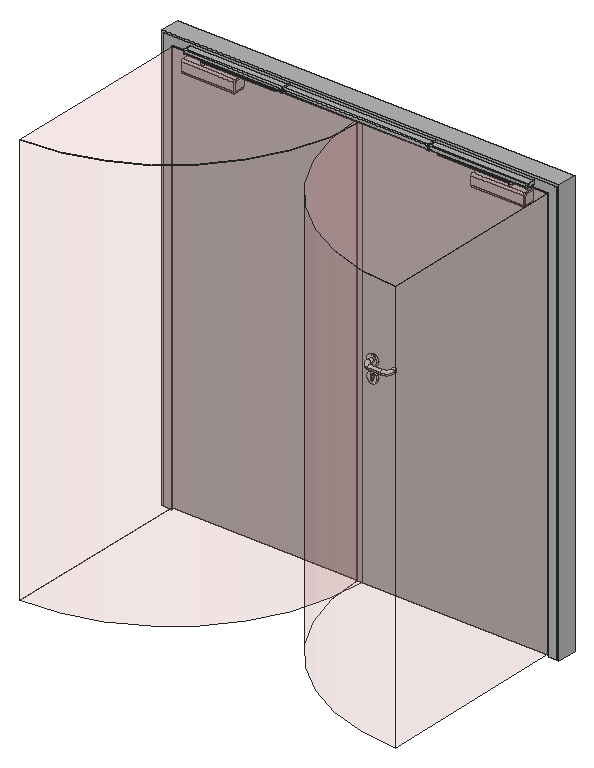
Revit family "ASSA ABLOY - ALPE PLUS Sp 60-2, double-leaf, block frame, HIDDEN HINGES", category Doors, host Wall, Revit 2021
Family settings
  Host = Wall
  OmniClass Number = 23.30.10.00
  OmniClass Title = Doors
  Always vertical = Yes
  Cut with Voids When Loaded = No
  Shared = No
  Room Calculation Point = No
Parameters (values of type "1800 x 2100 (1807 x 2108)")
  URL = "https://www.assaabloy.com/pl/pl"
  Type Comments = "Door leaf made of two pressed galvanised steel sheets 1,25mm thick, reinforced with steel profile. Filled with mineral wool glued to the sheets with polyurethane adhesive. Non-rebated door."
  Rough Width Real = Width Round + Rough Width Conversion + Rough Width Adjustment  # 2033.000 mm
  Rough Height Real = Height Round + Rough Height Conversion + Rough Height Adjustment  # 2182.000 mm
  Rough Width Conversion = 233.000 mm  # constant formula
  Rough Width Adjustment = 0.000 mm  # constant formula
  Rough Height Conversion = 82.000 mm  # constant formula
  Rough Height Adjustment = 0.000 mm  # constant formula
  Recess Value [instance] = 14.400 mm
  Passive Symbol Radius [instance] = Passive Leaf Width + 2.250 mm  # 974.750 mm
  Passive Leaf Width [instance] = Rough Width Real - Middle Line - 44.000 mm  # 972.500 mm
  Opening Zone [instance] = yes
  Model = "Doorset_Steel non-rebated door with concealed hinges_ASSA ABLOY Opening Solutions_Hardware 3D"
  Middle Line [instance] = Active Leaf Clear Passage Width + 129.250 mm  # 1016.500 mm
  Handle Height = if(Height < 1300.000 mm, Height - 280.000 mm, 1050.000 mm)  # 1050.000 mm
  HW Item 9 = "1x 206253: Vercy door stopper, max 120 kg_ASSA ABLOY (option) "
  HW Item 8 = "1x TL0151BS: round rosette PZPZ, stainless steel_ASSA ABLOY"
  Frame Finish [instance] = ""
  Fire Rating NFR (0) = [Fire Rating - Set Value (0-2)] = 0  # yes
  Fire Rating EI60 (2) = [Fire Rating - Set Value (0-2)] = 2  # no
  Fire Rating EI30 (1) = [Fire Rating - Set Value (0-2)] = 1  # no
  Fire Rating - Set Value (0-2) = 0
  Fire Rating = if([Fire Rating NFR (0)], "NFR", if([Fire Rating EI30 (1)], "EI30", if([Fire Rating EI60 (2)], "EI60", "0")))  # "NFR"
  Width Round = roundup((Width / 5.000 mm)) * 5.000 mm  # 1800.000 mm
  Thickness = 60.000 mm  # constant formula
  Smoke Rating = "Sa, S200 (optional)"
  Rough Width = Width Round + 7.000 mm + Rough Width Conversion + Rough Width Adjustment  # 2040.000 mm
  Rough Height = Height Round + 8.000 mm + Rough Height Conversion + Rough Height Adjustment  # 2190.000 mm
  Readme = "The actual lintel height is consistent with the Rough Height parameter.\nThe final HW Set should be consistent with the function of the door and its  parameters.\nHardware mounted on door surface may affect the clear passage opening. For verification, please contact the specification department.\r\nIn double leaf doors in case of distance less than 1350mm and more than 2500mm between hinges, door closer type and coordinator should be confirmed with the Provider."
  Provider = "ASSA ABLOY Opening Solutions"
  Product Group = "Double-Steel-Non rebated"
  Name = "Steel non-rebated door with concealed hinges"
  Min Door Width = 1025.000 mm
  Min Door Height = 1640.000 mm
  Mechanical Strength = 4
  Max Door Width = 2330.000 mm
  Max Door Height = 2400.000 mm
  Manufacturer = "ASSA ABLOY"  # constant formula
  IfcExportType = "USERDEFINED"
  IfcExportAs = "IfcDoorType"
  Height Round = roundup((Height / 5.000 mm)) * 5.000 mm  # 2100.000 mm
  Hardware Set = "1.20PL"
  HW Item 7 = "1x TL4106SS: U-shape handle set on round rosette, class 4 (EN1906), stainless steel_ASSA ABLOY"
  HW Item 6 = "1x SK6 Radius: euro profile cylinder_IKON"
  HW Item 5 = "1x N4572: central semi-automatic flush bolt _Corni (passive leaf )"
  HW Item 4 = "1x N1050: mechanical mortice lock_ASSA ABLOY"
  HW Item 3 = "2x A153: mechanical opening damper_ASSA ABLOY (option)"
  HW Item 2 = "1x G461: guide rail with integrated coordinator_ASSA ABLOY"
  HW Item 1 = "2x DC700/ DC500: door closer, Cam-Motion®_ASSA ABLOY"
  Function = Interior
  Height = 2100.000 mm
  Wall Closure = By host
  Width = 1800.000 mm
  Frame Type = "Welded steel block frame, made of galvanised sheet 1,8mm thick."
  Frame Material = Default steel
  Family name = "1.20_DOORSET_ALPE PLUS Sp 60-2_DOUBLE-LEAF_BLOCK FRAME_ASSA ABLOY PL"
  Environmental Product Declaration (EPD) = "To be confirmed with Provider"  # constant formula
  Environmental Management System = "To be confirmed with Provider"  # constant formula
  Edition number = "1"
  Door closer and Coordinator Visibility = and(Rough Width - 147.500 mm > 1350.000 mm, Rough Width - 147.500 mm < 3200.000 mm)  # yes
  Door Type = "ALPE PLUS Sp 60-2"
  Door Material = Default steel
  Door Finish Push Side [instance] = ""
  Door Finish Pull Side [instance] = ""
  Description = "ALPE PLUS Sp 60-2, door leaf made of two pressed galvanised steel sheets 1,25mm thick, reinforced with steel profile. Filled with mineral wool glued to the sheets with polyurethane adhesive. Non-rebated door. Stainless steel concealed hinges TECTUS TE540 3D with 3D regulation. Mechanical durability – class C3 according to PN-EN 16034:2014. Mechanical strength – class 4 according to PN-EN 1192:2001. Welded steel block frame, made of galvanised sheet 1,8mm thick."
  Date of publishing = ""
  Guide Rail Length = Rough Width - 1288.550 mm  # 751.450 mm
  Contact Provider = "https://www.assaabloy.com/pl/pl/solutions/topics/bim-specification/contact"
  Brand = "ASSA ABLOY Mercor Doors Sp. z o. o."  # constant formula
  Author = "www.archispace.pl"
  Active Symbol Radius [instance] = Active Leaf Width + 2.250 mm  # 974.750 mm
  Active Leaf Width [instance] = Middle Line - 44.000 mm  # 972.500 mm
  Active Leaf Clear Passage Width = 887.250 mm
Reference planes
  plane 1: y = 0
  plane 2 "Center (Left/Right)": x = 0
  plane 3: z = 2182
  plane 4 "Exterior": y = 120
  plane 5 "Interior": y = -120
  plane 6: x = -1016.5
  plane 7: x = 1016.5
  plane 8: z = 2100
  plane 9: x = 0
  plane 10: z = 2125
  plane 11: x = 959.5
  plane 12: x = -959.5
  plane 13: x = 900.25
  plane 14: x = -900.25
  plane 15: x = -19
  plane 16: x = 19
  plane 17: z = 8
  plane 18: x = -1020
  plane 19: x = 1020
  plane 20: z = 2190
  plane 21: y = -108.1
  plane 22: y = -109
  plane 23: y = -105.6
  plane 24: x = 961.75
  plane 25: x = -961.75
  plane 26: y = -44
  plane 27: y = -33
  plane 28: y = -8.4
  plane 29: y = -5
  plane 30: x = -4.5
  plane 31: x = 4.5
  plane 32: x = -942.75
  plane 33: x = 952.25
  plane 34: x = 66.4
  plane 35: z = 1050
  plane 36: x = -367.75
  plane 37: x = 383.7
  plane 38: x = 7.975
Forms (mm)
  Sweep 1, solid, material "Default steel" <- "Frame Material"
    path origin (-489, -105.6, 1200) x (1, 0, 0) y (0, 0, 1)
      loop
        line (-527.5, -1200) -> (-527.5, 982) -> (1505.5, 982) -> (1505.5, -1200)
    profile origin (-1016.5, -105.6, 1091) x (-1, 0, 0) y (0, -1, 0)
      loop
        line (-82, -61.6) -> (-82, -100.6) -> (-10, -100.6) -> (-10, -97.2) -> (0, -97.2) -> (0, 0) -> (-10, 0) -> (-10, 3.4) -> (-52, 3.4) -> (-52, -61.6) -> (-61.5, -61.6) -> (-61.5, -72.6) -> (-76.5, -72.6) -> (-76.5, -61.6) -> (-82, -61.6)
  Sweep 2, solid, material "Default steel" <- "Door Material"
    path origin (-489, -105.6, 1200) x (1, 0, 0) y (0, 0, 1)
      loop
        line (489, -1192) -> (489, 925)
    profile origin (0, -105.6, 1066.5) x (-1, 0, 0) y (0, -1, 0)
      loop
        line (959.5, -59.1) -> (959.5, 2.9) -> (18, 2.9) -> (18, -12.296) -> (4.5, -12.296) -> (4.5, -57.5) -> (-10.5, -57.5) -> (-10.5, -47.504) -> (-13, -47.504) -> (-13, -59.1) -> (959.5, -59.1)
  Sweep 3, solid, material "Opening zone", visible <- "Opening Zone"
    path origin (-5600, 0, 0) x (-1, 0, 0) y (0, 0, 1)
      loop
        line (-5600, 8) -> (-5600, 2125)
    profile origin (0, 0, 1066.5) x (1, 0, 0) y (0, 1, 0)
      loop
        line (-961.75, -108.1) -> (-961.75, -1082.85)
        arc (-961.75, -1082.85) -> (-272.498, -797.352) -> (13, -108.1) r 974.75
        line (13, -108.1) -> (-961.75, -108.1)
  Sweep 4, solid, material "Default steel" <- "Door Material"
    path origin (-489, -105.6, 1200) x (1, 0, 0) y (0, 0, 1)
      loop
        line (489, -1192) -> (489, 925)
    profile origin (0, -105.6, 1066.5) x (-1, 0, 0) y (0, -1, 0)
      loop
        line (-959.5, -59.1) -> (-18, -59.1) -> (-18, -43.904) -> (-4.5, -43.904) -> (-4.5, 1.3) -> (10.5, 1.3) -> (10.5, -8.696) -> (13, -8.696) -> (13, 2.9) -> (-959.5, 2.9) -> (-959.5, -59.1)
  Sweep 5, solid, material "Opening zone", visible <- "Opening Zone"
    path origin (5600, 0, 0) x (1, 0, 0) y (0, 0, -1)
      loop
        line (-5600, -8) -> (-5600, -2125)
    profile origin (0, 0, 1066.5) x (1, 0, 0) y (0, 1, 0)
      loop
        line (961.75, -108.1) -> (-13, -108.1)
        arc (-13, -108.1) -> (272.498, -797.352) -> (961.75, -1082.85) r 974.75
        line (961.75, -1082.85) -> (961.75, -108.1)
  Sweep 6, void
    path origin (-489, -105.6, 1200) x (1, 0, 0) y (0, 0, 1)
      loop
        line (-470.5, -1192) -> (-470.5, 925) -> (484.5, 925)
    profile origin (-482, -105.6, 2125) x (0, 0, 1) y (0, -1, 0)
      loop
        line (0, -20.75) -> (-14, -20.75) -> (-14, -38.35) -> (0, -38.35) -> (0, -20.75)
  Sweep 7, solid, material "Default steel" <- "Door Material"
    path origin (-489, -105.6, 1200) x (1, 0, 0) y (0, 0, 1)
      loop
        line (-470.5, -1192) -> (-470.5, 925) -> (484.5, 925)
    profile origin (-482, -105.6, 2125) x (0, 0, 1) y (0, -1, 0)
      loop
        line (-4, -20.75) -> (-14, -20.75) -> (-14, -38.35) -> (-4, -38.35) -> (-4, -20.75)
  Sweep 8, solid, material "Default steel" <- "Door Material"
    path origin (-489, -105.6, 1200) x (1, 0, 0) y (0, 0, 1)
      loop
        line (493.5, 925) -> (1448.5, 925) -> (1448.5, -1192)
    profile origin (482, -105.6, 2125) x (0, 0, 1) y (0, -1, 0)
      loop
        line (-4, -20.75) -> (-14, -20.75) -> (-14, -38.35) -> (-4, -38.35) -> (-4, -20.75)
  Sweep 9, void
    path origin (-489, -105.6, 1200) x (1, 0, 0) y (0, 0, 1)
      loop
        line (493.5, 925) -> (1448.5, 925) -> (1448.5, -1192)
    profile origin (482, -105.6, 2125) x (0, 0, 1) y (0, -1, 0)
      loop
        line (0, -20.75) -> (-14, -20.75) -> (-14, -38.35) -> (0, -38.35) -> (0, -20.75)
Cuts and joins
  Sweep 6, Sweep 9 cuts Sweep 4
  Sweep 6 cuts Sweep 2
Lines and regions (mm)
  Opening 1
    outline origin (-5000, -120, 0) x (1, 0, 0) y (0, 0, 1)
      loop
        line (3980, 2190) -> (3980, 0) -> (6020, 0) -> (6020, 2190) -> (3980, 2190)
  Masking region 1, detail levels medium
    outline origin (-1132.682, -300, 2052) x (-1, 0, 0) y (0, -1, 0)
      loop
        line (-116.182, -295) -> (-116.182, -191) -> (-198.182, -191) -> (-198.182, -295) -> (-116.182, -295)
      loop
        line (-2149.182, -295) -> (-2067.182, -295) -> (-2067.182, -191) -> (-2149.182, -191) -> (-2149.182, -295)
  Masking region 2, detail levels fine
    outline origin (-1177.682, -289.4, 2052) x (-1, 0, 0) y (0, -1, 0)
      loop
        line (-243.182, -245.4) -> (-243.182, -284.4) -> (-171.182, -284.4) -> (-171.182, -281) -> (-161.182, -281) -> (-161.182, -183.8) -> (-171.182, -183.8) -> (-171.182, -180.4) -> (-213.182, -180.4) -> (-213.182, -245.4) -> (-222.682, -245.4) -> (-222.682, -256.4) -> (-237.682, -256.4) -> (-237.682, -245.4) -> (-243.182, -245.4)
      loop
        line (-2112.182, -245.4) -> (-2117.682, -245.4) -> (-2117.682, -256.4) -> (-2132.682, -256.4) -> (-2132.682, -245.4) -> (-2142.182, -245.4) -> (-2142.182, -180.4) -> (-2184.182, -180.4) -> (-2184.182, -183.8) -> (-2194.182, -183.8) -> (-2194.182, -281) -> (-2184.182, -281) -> (-2184.182, -284.4) -> (-2112.182, -284.4) -> (-2112.182, -245.4)
  symbolic lines, style "Elevation Swing"
    curve 1: line (-3, -120, 1091) -> (-959.5, -120, 2125)
    curve 2: line (-3, -120, 1091) -> (-959.5, -120, 8)
    curve 3: line (3, -120, 1091) -> (959.5, -120, 2125)
    curve 4: line (3, -120, 1091) -> (959.5, -120, 8)
Text (mm)
  text "Exterior" at (-1376.75, 1099.543, 0), in view "Ref. Level"
  text "Exterior" at (0, 1615.38, 3698.081), in view "Left"
  text "Exterior" at (0, 1036.032, 3874.932), in view "Right"
Dimensions and locks
  "Rough Height Real": plane 3 to host wall
  equal spacing: host wall, curve 2, plane 3
  host wall to plane 3 = 2182.000 mm
  locked: plane 4 "Exterior" to host wall
  locked: plane 5 "Interior" to host wall
  equal spacing: plane 6, plane 2 "Center (Left/Right)", plane 7
  "Rough Width Real": plane 6 to plane 7
  "Height": plane 8 to level
  locked: plane 6 to plane 12 at 57
  locked: plane 11 to plane 7 at 57
  locked: plane 3 to plane 10 at 57
  locked: plane 13 to plane 7 at 116.25
  locked: plane 6 to plane 14 at 116.25
  locked: plane 15 to plane 9 at 19
  locked: plane 9 to plane 16 at 19
  "Middle Line": plane 9 to plane 7
  equal spacing: plane 3, curve 4, level
  locked: plane 17 to level at 8
  equal spacing: plane 18, plane 2 "Center (Left/Right)", plane 19
  "Rough Width": plane 18 to plane 19
  "Rough Height": plane 20 to level
  locked: plane 24 to plane 7 at 54.75
  locked: plane 6 to plane 25 at 54.75
  locked: plane 22 to plane 23 at 3.4
  "Recess Value": plane 5 "Interior" to plane 23
  locked: plane 6 to Masking region 2 sketch curve at 10  (x2)
  locked: plane 6 to Masking region 2 sketch curve at 52
  locked: plane 6 to Masking region 2 sketch curve at 61.5
  locked: plane 6 to Masking region 2 sketch curve at 76.5
  locked: Masking region 2 sketch curve to plane 7 at 10  (x2)
  locked: Masking region 2 sketch curve to plane 7 at 52
  locked: Masking region 2 sketch curve to plane 7 at 61.5
  locked: Masking region 2 sketch curve to plane 7 at 76.5
  locked: plane 6 to Sweep 1 sketch curve at 10  (x2)
  locked: plane 6 to Sweep 1 sketch curve at 52
  locked: plane 6 to Sweep 1 sketch curve at 61.5
  locked: plane 6 to Sweep 1 sketch curve at 76.5
  locked: plane 6 to Masking region 2 sketch curve at 82
  locked: Masking region 2 sketch curve to plane 7 at 82
  locked: plane 6 to Masking region 1 sketch curve at 82
  locked: Masking region 1 sketch curve to plane 7 at 82
  locked: plane 6 to Sweep 1 sketch curve at 82
  locked: Sweep 2 sketch curve to plane 9 at 4.5
  locked: Sweep 2 sketch curve to plane 9 at 18
  locked: plane 9 to Sweep 2 sketch curve at 10.5
  locked: plane 9 to Sweep 2 sketch curve at 13
  locked: plane 9 to Sweep 4 sketch curve at 4.5
  locked: plane 9 to Sweep 4 sketch curve at 18
  locked: Sweep 4 sketch curve to plane 9 at 10.5
  locked: Sweep 4 sketch curve to plane 9 at 13
  locked: plane 21 to plane 23 at 2.5
  locked: plane 10 to Sweep 7 sketch curve at 14
  locked: plane 10 to Sweep 7 sketch curve at 4
  locked: Sweep 6 sketch curve to profile plane at 14
  locked: plane 30 to plane 9 at 4.5
  locked: plane 9 to plane 31 at 4.5
  locked: plane 10 to Sweep 8 sketch curve at 4
  locked: Sweep 8 sketch curve to profile plane at 14
  locked: Sweep 9 sketch curve to profile plane at 14
  locked: plane 23 to plane 26 at 61.6
  locked: plane 27 to plane 26 at 11
  locked: plane 28 to plane 27 at 24.6
  locked: plane 29 to plane 28 at 3.4
  locked: plane 32 to nested 2 at 71
  locked: plane 6 to plane 32 at 73.75
  locked: plane 3 to nested 2 at 20
  locked: plane 3 to nested 3 at 20
  locked: plane 31 to plane 34 at 61.9
  locked: nested 3 to plane 11 at 71
  plane 21 to nested 3 = 0.900 mm
  "Handle Height": plane 35 to level
  locked: plane 35 to nested 4 at 80
  locked: plane 32 to plane 36 at 575
  locked: plane 37 to plane 24 at 578.05
  plane 18 to plane 36 = 652.250 mm
  plane 37 to plane 19 = 636.300 mm
  locked: plane 20 to nested 6 at 28
  "Active Symbol Radius": radius of Sweep 5 sketch curve
  "Passive Symbol Radius": radius of Sweep 3 sketch curve
  aligned and locked: plane 1 to host wall
  aligned and locked: level to Sweep 1 sketch curve  (x2)
  aligned and locked: Sweep 1 sketch curve to plane 6  (x2)
  aligned and locked: plane 7 to Sweep 1 sketch curve
  aligned and locked: plane 2 "Center (Left/Right)" to Sweep 2 sketch curve
  aligned and locked: nested 1 to plane 2 "Center (Left/Right)"
  aligned and locked: plane 3 to Sweep 1 sketch curve
  aligned and locked: plane 10 to Sweep 2 sketch curve
  aligned and locked: Sweep 2 sketch curve to plane 12
  aligned and locked: Sweep 4 sketch curve to plane 9
  aligned and locked: plane 10 to Sweep 4 sketch curve
  aligned and locked: plane 11 to Sweep 4 sketch curve
  aligned and locked: plane 2 "Center (Left/Right)" to Sweep 5 sketch curve
  aligned and locked: level to Opening 1 sketch curve
  aligned and locked: Opening 1 sketch curve to plane 20
  aligned and locked: plane 17 to Sweep 2 sketch curve
  aligned and locked: plane 17 to Sweep 4 sketch curve
  aligned and locked: plane 22 to Masking region 1 sketch curve  (x2)
  aligned and locked: Masking region 1 sketch curve to plane 6
  aligned and locked: Masking region 1 sketch curve to plane 7
  aligned and locked: plane 22 to Sweep 1 sketch curve
  aligned and locked: Sweep 1 sketch curve to plane 23
  aligned and locked: plane 24 to Sweep 5 sketch curve
  aligned and locked: Sweep 5 sketch curve to plane 21
  aligned and locked: Sweep 3 sketch curve to plane 25
  aligned and locked: Sweep 3 sketch curve to plane 21
  aligned and locked: plane 2 "Center (Left/Right)" to Sweep 3 sketch curve
  aligned and locked: nested 1 to plane 23
  aligned and locked: plane 22 to Masking region 2 sketch curve  (x2)
  aligned and locked: plane 29 to Masking region 2 sketch curve  (x2)
  aligned and locked: plane 28 to Masking region 2 sketch curve  (x2)
  aligned and locked: Masking region 2 sketch curve to plane 27  (x2)
  aligned and locked: plane 26 to Masking region 2 sketch curve  (x4)
  aligned and locked: Masking region 2 sketch curve to plane 23  (x2)
  aligned and locked: Masking region 2 sketch curve to plane 6
  aligned and locked: Masking region 2 sketch curve to plane 7
  aligned and locked: Masking region 1 sketch curve to plane 29  (x2)
  aligned and locked: plane 28 to Sweep 1 sketch curve
  aligned and locked: plane 29 to Sweep 1 sketch curve
  aligned and locked: plane 26 to Sweep 1 sketch curve
  aligned and locked: plane 27 to Sweep 1 sketch curve
  aligned and locked: Sweep 1 sketch curve to plane 26
  aligned and locked: Sweep 6 sketch curve to plane 10
  aligned and locked: plane 17 to Sweep 6 sketch curve
  aligned and locked: plane 12 to Sweep 6 sketch curve
  aligned and locked: plane 12 to Sweep 7 sketch curve
  aligned and locked: Sweep 7 sketch curve to plane 10
  aligned and locked: plane 17 to Sweep 7 sketch curve
  aligned and locked: profile plane to Sweep 6 sketch curve
  aligned and locked: Sweep 8 sketch curve to plane 10
  aligned and locked: Sweep 8 sketch curve to plane 11
  aligned and locked: plane 17 to Sweep 8 sketch curve
  aligned and locked: plane 31 to Sweep 8 sketch curve
  aligned and locked: plane 30 to Sweep 7 sketch curve
  aligned and locked: plane 30 to Sweep 6 sketch curve
  aligned and locked: plane 31 to Sweep 9 sketch curve
  aligned and locked: Sweep 9 sketch curve to plane 10
  aligned and locked: Sweep 9 sketch curve to plane 11
  aligned and locked: plane 17 to Sweep 9 sketch curve
  aligned and locked: profile plane to Sweep 9 sketch curve
  aligned and locked: Opening 1 sketch curve to plane 19
  aligned and locked: Opening 1 sketch curve to plane 18
  aligned and locked: plane 10 to curve 1
  aligned and locked: plane 12 to curve 1
  aligned and locked: plane 12 to curve 2
  aligned and locked: plane 17 to curve 2
  aligned and locked: plane 11 to curve 4
  aligned and locked: plane 17 to curve 4
  aligned and locked: plane 11 to curve 3
  aligned and locked: plane 10 to curve 3
  aligned and locked: plane 10 to Sweep 3 sketch curve
  aligned and locked: plane 10 to Sweep 5 sketch curve
  aligned and locked: plane 17 to Sweep 5 sketch curve
  aligned and locked: plane 17 to Sweep 3 sketch curve
  aligned and locked: cut or joined group of Sweep 4, Sweep 6, Sweep 9 to nested 4
  aligned and locked: plane 34 to nested 4
  aligned and locked: nested 5 to cut or joined group of Sweep 4, Sweep 6, Sweep 9
  aligned and locked: plane 34 to nested 5
  aligned and locked: plane 22 to nested 3
  aligned and locked: nested 2 to plane 22
  aligned and locked: plane 35 to nested 5
  aligned and locked: plane 37 to nested 3
  aligned and locked: plane 36 to nested 2
  aligned and locked: nested 3 to plane 22
  aligned and locked: nested 6 to plane 22
Automatic sketch dimensions
  Sweep 2 sketch curve to profile plane = 59.100 mm
  Sweep 2 sketch curve to Sweep 2 sketch curve = 1.600 mm
  Sweep 2 sketch curve to Sweep 2 sketch curve = 9.996 mm
  Sweep 2 sketch curve to profile plane = 12.296 mm
  profile plane to Sweep 2 sketch curve = 2.900 mm
  Sweep 4 sketch curve to profile plane = 59.100 mm
  Sweep 4 sketch curve to Sweep 4 sketch curve = 15.196 mm
  Sweep 4 sketch curve to profile plane = 8.696 mm
  profile plane to Sweep 4 sketch curve = 1.300 mm
  profile plane to Sweep 4 sketch curve = 2.900 mm
  Sweep 6 sketch curve to plane 23 = 38.350 mm
  Sweep 6 sketch curve to Sweep 6 sketch curve = 17.600 mm
  Sweep 7 sketch curve to plane 23 = 38.350 mm
  Sweep 7 sketch curve to Sweep 7 sketch curve = 17.600 mm
  Sweep 8 sketch curve to plane 23 = 38.350 mm
  Sweep 8 sketch curve to Sweep 8 sketch curve = 17.600 mm
  Sweep 9 sketch curve to plane 23 = 38.350 mm
  Sweep 9 sketch curve to Sweep 9 sketch curve = 17.600 mm
  curve 2 to plane 30 = 1.500 mm
  plane 31 to curve 3 = 1.500 mm
Nested families
  nested 1: "Detail_Door symbol" at (0, -105.6, 2037), type "Detail_Door symbol"
  nested 2: "DC700 DC500 Door closer, Cam-Motion_ASSA ABLOY" at (-733.75, -109, 2090.8), visible <- "Door closer and Coordinator Visibility", type "DC700 DC500 Door closer, Cam-Motion_ASSA ABLOY", detail levels fine
    with Thickness 79.000 mm, Door Closer Gap Thickness 0.000 mm
  nested 3: "DC700 DC500 Door closer, Cam-Motion_ASSA ABLOY" at (749.7, -109, 2090.8) x (-1, 0, 0) z (0, 0, 1), visible <- "Door closer and Coordinator Visibility", type "DC700 DC500 Door closer, Cam-Motion_ASSA ABLOY", detail levels fine
    with Thickness 79.000 mm, Door Closer Gap Thickness 0.000 mm
  nested 4: "TL0151BS round rosette PZPZ, stainless steel_ASSA ABLOY" at (66.4, -108.5, 970), type "TL0151BS round rosette PZPZ, stainless steel_ASSA ABLOY", detail levels fine
    with Thickness 62.000 mm
  nested 5: "TL4106SS U-shape handle set on round rosette, class 4 (EN1906), stainless steel_ASSA ABLOY" at (66.4, -108.5, 1050) x (-1, 0, 0) z (0, 0, 1), type "TL4106SS U-shape handle set on round rosette, class 4 (EN1906), stainless steel_ASSA ABLOY", detail levels fine
  nested 6: "G-CO guide rail for DC700 door closer" at (7.975, -109, 2139), visible <- "Door closer and Coordinator Visibility", Length <- "Guide Rail Length", type "G-CO guide rail for DC700 door closer", detail levels fine
    with Min. Length 751.450 mm, Length 751.450 mm
Definition of nested family "DC700 DC500 Door closer, Cam-Motion_ASSA ABLOY"
  Parameters (values of type "DC700 DC500 Door closer, Cam-Motion_ASSA ABLOY")
    Thickness = 16.800 mm
    Door Closer Gap Thickness = 50.000 mm
    Default Elevation = 0.000 mm
  Reference planes
    plane 1 "Center (Front/Back)": y = 0
    plane 2: z = 0
    plane 3 "Center (Left/Right)": x = 0
    plane 4: z = 0
    plane 5: x = -134
    plane 6: x = 134
    plane 7: x = -136
    plane 8: x = 136
    plane 9: x = -138
    plane 10: x = 366
    plane 11: z = 48.2
    plane 12: z = 71.2
    plane 13: z = 32
    plane 14: x = -138.8
    plane 15: x = 136.8
    plane 16: x = -46
    plane 17: z = 40.5
    plane 18: x = 321.5
    plane 19: z = 45.5
    plane 20: y = 23.2
    plane 21: y = 50
    plane 22: y = -30
  Forms (mm)
    Sweep 1, solid
      path origin (0, 0, 0) x (1, 0, 0) y (0, 1, 0)
        loop
          line (-134, 0) -> (134, 0)
      profile origin (0, 0, 0) x (0, 1, 0) y (0, 0, 1)
        loop
          line (0, 32) -> (-48, 32)
          arc (-48, 32) -> (-55.071, 29.071) -> (-58, 22) r 10
          line (-58, 22) -> (-58, -22)
          arc (-58, -22) -> (-55.071, -29.071) -> (-48, -32) r 10
          line (-48, -32) -> (0, -32) -> (0, 32)
    SweptBlend 2, solid
      path origin (0, 0, 0) x (1, 0, 0) y (0, 1, 0)
        loop
          line (-134, 0) -> (-136, 0)
      profile origin (-134, 0, 0) x (0, -1, 0) y (0, 0, 1)
        loop
          line (0, 30) -> (0, -30) -> (46.25, -30)
          arc (46.25, -30) -> (52.879, -27.254) -> (55.625, -20.625) r 9.375
          line (55.625, -20.625) -> (55.625, 20.625)
          arc (55.625, 20.625) -> (52.879, 27.254) -> (46.25, 30) r 9.375
          line (46.25, 30) -> (0, 30)
      end profile origin (-136, 0, 0) x (0, -1, 0) y (0, 0, 1)
        loop
          line (0, 23.25) -> (0, -23.25) -> (41.469, -23.25)
          arc (41.469, -23.25) -> (46.606, -21.122) -> (48.734, -15.984) r 7.266
          line (48.734, -15.984) -> (48.734, 15.984)
          arc (48.734, 15.984) -> (46.606, 21.122) -> (41.469, 23.25) r 7.266
          line (41.469, 23.25) -> (0, 23.25)
    SweptBlend 3, solid
      path origin (0, 0, 0) x (-1, 0, 0) y (0, -1, 0)
        loop
          line (-134, 0) -> (-136, 0)
      profile origin (134, 0, 0) x (0, 1, 0) y (0, 0, 1)
        loop
          line (0, 30) -> (-46.25, 30)
          arc (-46.25, 30) -> (-52.879, 27.254) -> (-55.625, 20.625) r 9.375
          line (-55.625, 20.625) -> (-55.625, -20.625)
          arc (-55.625, -20.625) -> (-52.879, -27.254) -> (-46.25, -30) r 9.375
          line (-46.25, -30) -> (0, -30) -> (0, 30)
      end profile origin (136, 0, 0) x (0, 1, 0) y (0, 0, 1)
        loop
          line (0, 23.25) -> (-41.469, 23.25)
          arc (-41.469, 23.25) -> (-46.606, 21.122) -> (-48.734, 15.984) r 7.266
          line (-48.734, 15.984) -> (-48.734, -15.984)
          arc (-48.734, -15.984) -> (-46.606, -21.122) -> (-41.469, -23.25) r 7.266
          line (-41.469, -23.25) -> (0, -23.25) -> (0, 23.25)
    Sweep 4, solid
      path origin (0, 0, 0) x (1, 0, 0) y (0, 0, 1)
        loop
          line (-46, 32) -> (-46, 40.5)
      profile origin (-46, 0, 36.25) x (-1, 0, 0) y (0, -1, 0)
        loop
          circle (0, 30) r 9
    Extrusion 5, solid
      sketch origin (0, -0.8, 0) x (1, 0, 0) y (0, 1, 0)
        loop
          circle (321.5, 24) r 9
      from 45.5 to 48.2
    Sweep 6, solid
      path origin (0, 0, 0) x (1, 0, 0) y (0, 1, 0)
        loop
          line (-138, 50) -> (366, 50)
      profile origin (114, 50, 0) x (0, 1, 0) y (0, 0, 1)
        loop
          line (0, 48.2) -> (0, 71.2) -> (-35, 71.2)
          arc (-35, 71.2) -> (-37.828, 70.028) -> (-39, 67.2) r 4
          line (-39, 67.2) -> (-39, 52.2)
          arc (-39, 52.2) -> (-37.828, 49.372) -> (-35, 48.2) r 4
          line (-35, 48.2) -> (0, 48.2)
    SweptBlend 7, solid
      path origin (0, 0, 0) x (1, 0, 0) y (0, 1, 0)
        loop
          line (-138.8, 50) -> (-138, 50)
      profile origin (-138.8, 50, 0) x (0, 1, 0) y (0, 0, 1)
        loop
          line (0, 51.5) -> (0, 67.9) -> (-31.7, 67.9)
          arc (-31.7, 67.9) -> (-32.195, 67.695) -> (-32.4, 67.2) r 0.7
          line (-32.4, 67.2) -> (-32.4, 52.2)
          arc (-32.4, 52.2) -> (-32.195, 51.705) -> (-31.7, 51.5) r 0.7
          line (-31.7, 51.5) -> (0, 51.5)
      end profile origin (-138, 50, 0) x (0, 1, 0) y (0, 0, 1)
        loop
          arc (-33.9, 70.1) -> (-36.728, 68.928) -> (-37.9, 66.1) r 4
          line (-37.9, 66.1) -> (-37.9, 53.3)
          arc (-37.9, 53.3) -> (-36.728, 50.472) -> (-33.9, 49.3) r 4
          line (-33.9, 49.3) -> (0, 49.3) -> (0, 70.1) -> (-33.9, 70.1)
    SweptBlend 8, solid
      path origin (0, 0, 0) x (-1, 0, 0) y (0, -1, 0)
        loop
          line (-366.8, -50) -> (-366, -50)
      profile origin (366.8, 50, 0) x (0, -1, 0) y (0, 0, 1)
        loop
          line (0, 51.5) -> (31.7, 51.5)
          arc (31.7, 51.5) -> (32.195, 51.705) -> (32.4, 52.2) r 0.7
          line (32.4, 52.2) -> (32.4, 67.2)
          arc (32.4, 67.2) -> (32.195, 67.695) -> (31.7, 67.9) r 0.7
          line (31.7, 67.9) -> (0, 67.9) -> (0, 51.5)
      end profile origin (366, 50, 0) x (0, -1, 0) y (0, 0, 1)
        loop
          line (33.9, 70.1) -> (0, 70.1) -> (0, 49.3) -> (33.9, 49.3)
          arc (33.9, 49.3) -> (36.728, 50.472) -> (37.9, 53.3) r 4
          line (37.9, 53.3) -> (37.9, 66.1)
          arc (37.9, 66.1) -> (36.728, 68.928) -> (33.9, 70.1) r 4
    Sweep 9, solid
      path origin (-57, -30, 1200) x (1, 0, 0) y (0, 0, 1)
        loop
          line (11, -1154.5) -> (11, -1159.5)
      profile origin (-46, -30, 43) x (0, -1, 0) y (1, 0, 0)
        loop
          arc (-8.907, -1.289) -> (1.289, -8.907) -> (8.907, 1.289) r 9
          line (8.907, 1.289) -> (-44.293, 368.789)
          arc (-44.293, 368.789) -> (-54.489, 376.407) -> (-62.107, 366.211) r 9
          line (-62.107, 366.211) -> (-8.907, -1.289)
  Cuts and joins
    joined: Sweep 1, SweptBlend 2, SweptBlend 3, Sweep 4, Extrusion 5
  Dimensions and locks
    locked: plane 5 to plane 3 "Center (Left/Right)" at 134
    locked: plane 3 "Center (Left/Right)" to plane 6 at 134
    locked: plane 7 to plane 5 at 2
    locked: plane 6 to plane 8 at 2
    locked: plane 7 to plane 9 at 2
    locked: plane 10 to plane 9 at 504
    locked: plane 13 to level at 32
    locked: plane 11 to plane 13 at 16.2
    locked: plane 12 to plane 11 at 23
    locked: plane 9 to plane 14 at 0.8
    locked: plane 15 to plane 8 at 0.8
    locked: plane 16 to plane 5 at 88
    locked: plane 17 to plane 13 at 8.5
    locked: plane 18 to plane 10 at 44.5
    locked: plane 19 to plane 17 at 5
    locked: plane 20 to plane 21 at 26.8
    "Door Closer Gap Thickness": plane 1 "Center (Front/Back)" to plane 21
    locked: SweptBlend 8 sketch curve to SweptBlend 8 sketch curve at 0.8
    locked: plane 22 to plane 1 "Center (Front/Back)" at 30
    Sweep 9 sketch curve to Sweep 9 sketch curve = 18.000 mm
    aligned and locked: level to plane 2
    aligned and locked: plane 5 to Sweep 1 sketch curve
    aligned and locked: plane 6 to Sweep 1 sketch curve
    aligned and locked: plane 7 to SweptBlend 2 sketch curve
    aligned and locked: plane 5 to SweptBlend 2 sketch curve
    aligned and locked: SweptBlend 2 sketch curve to plane 1 "Center (Front/Back)"
    aligned and locked: plane 8 to SweptBlend 3 sketch curve
    aligned and locked: plane 6 to SweptBlend 3 sketch curve
    aligned and locked: plane 1 "Center (Front/Back)" to SweptBlend 3 sketch curve
    aligned and locked: plane 17 to Sweep 4 sketch curve
    aligned and locked: plane 16 to Sweep 4 sketch curve  (x2)
    aligned and locked: plane 13 to Sweep 4 sketch curve
    aligned and locked: plane 11 to Extrusion 5
    aligned and locked: Extrusion 5 to plane 19
    aligned and locked: Sweep 6 sketch curve to plane 21
    aligned and locked: plane 9 to Sweep 6 sketch curve
    aligned and locked: plane 10 to Sweep 6 sketch curve
    aligned and locked: plane 21 to Sweep 6 sketch curve
    aligned and locked: plane 11 to Sweep 6 sketch curve
    aligned and locked: Sweep 6 sketch curve to plane 12
    aligned and locked: SweptBlend 7 sketch curve to plane 21
    aligned and locked: plane 9 to SweptBlend 7 sketch curve
    aligned and locked: plane 14 to SweptBlend 7 sketch curve
    aligned and locked: plane 21 to SweptBlend 7 sketch curve  (x2)
    aligned and locked: plane 10 to SweptBlend 8 sketch curve
    aligned and locked: Sweep 9 sketch curve to plane 16
    aligned and locked: plane 19 to Sweep 9 sketch curve
    aligned and locked: plane 17 to Sweep 9 sketch curve
    aligned and locked: plane 18 to Sweep 9 sketch curve
    aligned and locked: plane 20 to Sweep 9 sketch curve
    aligned and locked: plane 16 to Sweep 9 sketch curve
    aligned and locked: plane 22 to Sweep 9 sketch curve
    aligned and locked: plane 22 to Sweep 4 sketch curve
  Automatic sketch dimensions
    plane 1 "Center (Front/Back)" to Sweep 1 sketch curve = 0.000 mm
    Sweep 1 sketch curve to profile plane = 0.000 mm
    profile plane to Sweep 1 sketch curve = 48.000 mm
    Sweep 1 sketch curve to Sweep 1 sketch curve = 0.000 mm
    Sweep 1 sketch curve to Sweep 1 sketch curve = 10.000 mm
    Sweep 1 sketch curve to level = 32.000 mm
    level to Sweep 1 sketch curve = 22.000 mm
    SweptBlend 2 sketch curve to profile plane = 0.000 mm  (x2)
    SweptBlend 2 sketch curve to level = 30.000 mm
    SweptBlend 2 sketch curve to profile plane = 46.250 mm  (x2)
    SweptBlend 2 sketch curve to SweptBlend 2 sketch curve = 9.375 mm
    level to SweptBlend 2 sketch curve = 20.625 mm
    SweptBlend 2 sketch curve to level = 23.250 mm
    SweptBlend 2 sketch curve to profile plane = 41.469 mm
    level to SweptBlend 2 sketch curve = 23.250 mm
    SweptBlend 2 sketch curve to SweptBlend 2 sketch curve = 0.000 mm
    SweptBlend 2 sketch curve to SweptBlend 2 sketch curve = 7.266 mm
    SweptBlend 3 sketch curve to profile plane = 0.000 mm  (x2)
    profile plane to SweptBlend 3 sketch curve = 46.250 mm  (x2)
    SweptBlend 3 sketch curve to level = 30.000 mm
    SweptBlend 3 sketch curve to SweptBlend 3 sketch curve = 9.375 mm
    level to SweptBlend 3 sketch curve = 20.625 mm
    profile plane to SweptBlend 3 sketch curve = 41.469 mm
    SweptBlend 3 sketch curve to level = 23.250 mm
    SweptBlend 3 sketch curve to SweptBlend 3 sketch curve = 0.000 mm
    SweptBlend 3 sketch curve to SweptBlend 3 sketch curve = 7.266 mm
    level to SweptBlend 3 sketch curve = 15.984 mm
    Extrusion 5 sketch curve to plane 18 = 0.000 mm
    plane 20 to Extrusion 5 sketch curve = 0.000 mm
    profile plane to Sweep 6 sketch curve = 35.000 mm
    Sweep 6 sketch curve to Sweep 6 sketch curve = 0.000 mm
    Sweep 6 sketch curve to Sweep 6 sketch curve = 4.000 mm
    profile plane to SweptBlend 7 sketch curve = 33.900 mm
    SweptBlend 7 sketch curve to SweptBlend 7 sketch curve = 0.000 mm  (x2)
    SweptBlend 7 sketch curve to SweptBlend 7 sketch curve = 4.000 mm
    level to SweptBlend 7 sketch curve = 49.300 mm
    SweptBlend 7 sketch curve to SweptBlend 7 sketch curve = 12.800 mm
    profile plane to SweptBlend 7 sketch curve = 31.700 mm
    SweptBlend 7 sketch curve to SweptBlend 7 sketch curve = 0.700 mm
    level to SweptBlend 7 sketch curve = 51.500 mm
    SweptBlend 7 sketch curve to SweptBlend 7 sketch curve = 15.000 mm
    SweptBlend 8 sketch curve to plane 21 = 0.000 mm
    SweptBlend 8 sketch curve to profile plane = 0.000 mm  (x2)
    SweptBlend 8 sketch curve to SweptBlend 8 sketch curve = 33.900 mm
    SweptBlend 8 sketch curve to SweptBlend 8 sketch curve = 0.000 mm  (x2)
    SweptBlend 8 sketch curve to SweptBlend 8 sketch curve = 4.000 mm
    level to SweptBlend 8 sketch curve = 49.300 mm
    SweptBlend 8 sketch curve to SweptBlend 8 sketch curve = 12.800 mm
    SweptBlend 8 sketch curve to profile plane = 31.700 mm
    SweptBlend 8 sketch curve to SweptBlend 8 sketch curve = 0.700 mm
    level to SweptBlend 8 sketch curve = 51.500 mm
    SweptBlend 8 sketch curve to SweptBlend 8 sketch curve = 15.000 mm
    radius of Sweep 4 sketch curve = 9.000 mm
    radius of Extrusion 5 sketch curve = 9.000 mm
Definition of nested family "TL0151BS round rosette PZPZ, stainless steel_ASSA ABLOY"
  Parameters (values of type "TL0151BS round rosette PZPZ, stainless steel_ASSA ABLOY")
    Thickness = 60.000 mm
    Default Elevation = 0.000 mm
  Reference planes
    plane 1 "Center (Front/Back)": y = 0
    plane 2: z = 0
    plane 3 "Center (Left/Right)": x = 0
    plane 4: z = 0
    plane 5: y = 60
    plane 6: y = -6.5
    plane 7: y = 66.5
    plane 8: x = -133
  Forms (mm)
    Sweep 1, solid
      path origin (0, 0, 0) x (1, 0, 0) y (0, 1, 0)
        loop
          line (0, 0) -> (0, -6.5)
      profile origin (0, -3.25, 0) x (1, 0, 0) y (0, 0, 1)
        loop
          circle (0, 0) r 26.5
    Sweep 2, solid
      path origin (0, 70, 0) x (1, 0, 0) y (0, 1, 0)
        loop
          line (0, -10) -> (0, -3.5)
      profile origin (0, 63.25, 0) x (-1, 0, 0) y (0, 0, 1)
        loop
          circle (0, 0) r 26.5
    Sweep 3, void
      path origin (0, 0, 0) x (1, 0, 0) y (0, 1, 0)
        loop
          line (0, -6.5) -> (0, 66.5)
      profile origin (0, 30, 0) x (-1, 0, 0) y (0, 0, 1)
        loop
          arc (5.25, 1) -> (0, 16.75) -> (-5.25, 1) r 8.75
          line (-5.25, 1) -> (-5.25, -11.5)
          arc (-5.25, -11.5) -> (0, -16.75) -> (5.25, -11.5) r 5.25
          line (5.25, -11.5) -> (5.25, 1)
        loop
          arc (-4.75, -11.5) -> (0, -16.25) -> (4.75, -11.5) r 4.75
          line (4.75, -11.5) -> (4.75, 1.255)
          arc (4.75, 1.255) -> (0, 16.25) -> (-4.75, 1.255) r 8.25
          line (-4.75, 1.255) -> (-4.75, -11.5)
  Cuts and joins
    Sweep 3 cuts Sweep 1
    Sweep 3 cuts Sweep 2
  Dimensions and locks
    locked: plane 7 to plane 5 at 6.5
    locked: plane 6 to plane 1 "Center (Front/Back)" at 6.5
    "Thickness": plane 1 "Center (Front/Back)" to plane 5
    aligned and locked: level to plane 2
  Automatic sketch dimensions
    Sweep 1 sketch curve to plane 3 "Center (Left/Right)" = 0.000 mm
    Sweep 1 sketch curve to plane 6 = 0.000 mm
    plane 1 "Center (Front/Back)" to Sweep 1 sketch curve = 0.000 mm
    Sweep 2 sketch curve to plane 3 "Center (Left/Right)" = 0.000 mm
    Sweep 2 sketch curve to plane 5 = 0.000 mm
    Sweep 2 sketch curve to plane 7 = 0.000 mm
    Sweep 1 sketch curve to level = 0.000 mm
    profile plane to Sweep 1 sketch curve = 0.000 mm
    Sweep 2 sketch curve to level = 0.000 mm
    Sweep 2 sketch curve to profile plane = 0.000 mm
    Sweep 3 sketch curve to plane 3 "Center (Left/Right)" = 0.000 mm
    Sweep 3 sketch curve to plane 6 = 0.000 mm
    Sweep 3 sketch curve to plane 7 = 0.000 mm
    Sweep 3 sketch curve to Sweep 3 sketch curve = 0.000 mm  (x4)
    Sweep 3 sketch curve to profile plane = 0.000 mm  (x2)
    level to Sweep 3 sketch curve = 1.255 mm
    profile plane to Sweep 3 sketch curve = 4.750 mm
    Sweep 3 sketch curve to Sweep 3 sketch curve = 0.500 mm
    Sweep 3 sketch curve to Sweep 3 sketch curve = 0.255 mm
    Sweep 3 sketch curve to level = 11.500 mm
    level to Sweep 3 sketch curve = 8.000 mm
    radius of Sweep 1 sketch curve = 26.500 mm
    radius of Sweep 2 sketch curve = 26.500 mm
Definition of nested family "TL4106SS U-shape handle set on round rosette, class 4 (EN1906), stainless steel_ASSA ABLOY"
  Parameters (values of type "TL4106SS U-shape handle set on round rosette, class 4 (EN1906), stainless steel_ASSA ABLOY")
    Thickness = 60.000 mm
    Default Elevation = 0.000 mm
  Reference planes
    plane 1 "Center (Front/Back)": y = 0
    plane 2: z = 0
    plane 3 "Center (Left/Right)": x = 0
    plane 4: z = 0
    plane 5: y = 60
    plane 6: y = -8
    plane 7: y = 68
    plane 8: x = -121
    plane 9: y = -57.5
    plane 10: y = 117.5
    plane 11: y = -17
    plane 12: y = 77
  Forms (mm)
    Sweep 1, solid
      path origin (0, 0, 0) x (1, 0, 0) y (0, 1, 0)
        loop
          line (0, 0) -> (0, -8)
      profile origin (0, -4, 0) x (1, 0, 0) y (0, 0, 1)
        loop
          circle (0, 0) r 26.5
    Sweep 2, solid
      path origin (0, 70, 0) x (1, 0, 0) y (0, 1, 0)
        loop
          line (0, -10) -> (0, -2)
      profile origin (0, 64, 0) x (-1, 0, 0) y (0, 0, 1)
        loop
          circle (0, 0) r 26.5
    Sweep 3, solid
      path origin (0, 0, 0) x (1, 0, 0) y (0, 1, 0)
        loop
          line (0, -8) -> (0, -30.5)
          arc (0, -30.5) -> (-7.908, -49.592) -> (-27, -57.5) r 27
          line (-27, -57.5) -> (-94, -57.5)
          arc (-94, -57.5) -> (-113.092, -49.592) -> (-121, -30.5) r 27
          line (-121, -30.5) -> (-121, -17)
      profile origin (0, -19.25, 0) x (1, 0, 0) y (0, 0, 1)
        loop
          circle (0, 0) r 10
    Sweep 4, solid
      path origin (0, 86.5, 0) x (1, 0, 0) y (0, 1, 0)
        loop
          line (0, -18.5) -> (0, 4)
          arc (0, 4) -> (-7.908, 23.092) -> (-27, 31) r 27
          line (-27, 31) -> (-94, 31)
          arc (-94, 31) -> (-113.092, 23.092) -> (-121, 4) r 27
          line (-121, 4) -> (-121, -9.5)
      profile origin (0, 79.25, 0) x (-1, 0, 0) y (0, 0, 1)
        loop
          circle (0, 0) r 10
  Cuts and joins
    joined: Sweep 1, Sweep 3
  Dimensions and locks
    locked: plane 7 to plane 5 at 8
    locked: plane 6 to plane 1 "Center (Front/Back)" at 8
    locked: plane 9 to plane 1 "Center (Front/Back)" at 57.5
    plane 10 to plane 5 = 57.500 mm
    locked: plane 8 to plane 3 "Center (Left/Right)" at 121
    "Thickness": plane 1 "Center (Front/Back)" to plane 5
    locked: plane 11 to plane 9 at 40.5
    locked: plane 10 to plane 12 at 40.5
    aligned and locked: level to plane 2
    aligned and locked: plane 6 to Sweep 3 sketch curve
    aligned and locked: Sweep 3 sketch curve to plane 3 "Center (Left/Right)"
    aligned and locked: plane 9 to Sweep 3 sketch curve
    aligned and locked: plane 8 to Sweep 3 sketch curve
    aligned and locked: plane 11 to Sweep 3 sketch curve
    aligned and locked: Sweep 4 sketch curve to plane 8
    aligned and locked: plane 10 to Sweep 4 sketch curve
    aligned and locked: plane 3 "Center (Left/Right)" to Sweep 4 sketch curve
    aligned and locked: plane 7 to Sweep 4 sketch curve
    aligned and locked: plane 12 to Sweep 4 sketch curve
  Automatic sketch dimensions
    Sweep 1 sketch curve to plane 3 "Center (Left/Right)" = 0.000 mm
    Sweep 1 sketch curve to plane 6 = 0.000 mm
    plane 1 "Center (Front/Back)" to Sweep 1 sketch curve = 0.000 mm
    Sweep 1 sketch curve to level = 0.000 mm
    profile plane to Sweep 1 sketch curve = 0.000 mm
    Sweep 2 sketch curve to plane 3 "Center (Left/Right)" = 0.000 mm
    Sweep 2 sketch curve to plane 5 = 0.000 mm
    Sweep 2 sketch curve to plane 7 = 0.000 mm
    Sweep 2 sketch curve to level = 0.000 mm
    Sweep 2 sketch curve to profile plane = 0.000 mm
    plane 8 to Sweep 3 sketch curve = 27.000 mm
    Sweep 3 sketch curve to plane 11 = 13.500 mm
    Sweep 3 sketch curve to level = 0.000 mm
    profile plane to Sweep 3 sketch curve = 0.000 mm
    plane 8 to Sweep 4 sketch curve = 27.000 mm
    Sweep 4 sketch curve to plane 10 = 27.000 mm
    Sweep 4 sketch curve to level = 0.000 mm
    Sweep 4 sketch curve to profile plane = 0.000 mm
    radius of Sweep 1 sketch curve = 26.500 mm
    radius of Sweep 2 sketch curve = 26.500 mm
    radius of Sweep 3 sketch curve = 10.000 mm
    radius of Sweep 4 sketch curve = 10.000 mm
Definition of nested family "G-CO guide rail for DC700 door closer"
  Parameters (values of type "G-CO guide rail for DC700 door closer")
    Thickness = 16.800 mm
    Min. Length [instance] = if(Length < 20.000 mm, 20.000 mm, Length)  # 100.000 mm
    Length [instance] = 100.000 mm
    Default Elevation = 0.000 mm
  Reference planes
    plane 1 "Center (Front/Back)": y = 0
    plane 2: z = 0
    plane 3 "Center (Left/Right)": x = 0
    plane 4: z = 0
    plane 5: x = -50
    plane 6: x = 50
    plane 7: z = 23
    plane 8: x = 45
    plane 9: x = -45
  Forms (mm)
    Sweep 1, solid
      path origin (0, -19.5, 0) x (1, 0, 0) y (0, 1, 0)
        loop
          line (-50, 0) -> (50, 0)
      profile origin (0, -19.5, 0) x (0, 1, 0) y (0, 0, 1)
        loop
          line (19.5, 0) -> (19.5, 23) -> (-15.5, 23)
          arc (-15.5, 23) -> (-18.328, 21.828) -> (-19.5, 19) r 4
          line (-19.5, 19) -> (-19.5, 4)
          arc (-19.5, 4) -> (-18.328, 1.172) -> (-15.5, 0) r 4
          line (-15.5, 0) -> (19.5, 0)
    Sweep 2, solid
      path origin (0, -19.5, 0) x (1, 0, 0) y (0, 1, 0)
        loop
          line (-50, 0) -> (-45, 0)
      profile origin (-47.5, -19.5, 0) x (0, 1, 0) y (0, 0, 1)
        loop
          line (19.5, -2) -> (19.5, 0) -> (-15.5, 0)
          arc (-15.5, 0) -> (-18.328, 1.172) -> (-19.5, 4) r 4
          line (-19.5, 4) -> (-19.5, 19)
          arc (-19.5, 19) -> (-18.328, 21.828) -> (-15.5, 23) r 4
          line (-15.5, 23) -> (19.5, 23) -> (19.5, 25) -> (-15.5, 25)
          arc (-15.5, 25) -> (-19.743, 23.243) -> (-21.5, 19) r 6
          line (-21.5, 19) -> (-21.5, 4)
          arc (-21.5, 4) -> (-19.743, -0.243) -> (-15.5, -2) r 6
          line (-15.5, -2) -> (19.5, -2)
    Sweep 3, solid
      path origin (0, -19.5, 0) x (1, 0, 0) y (0, 1, 0)
        loop
          line (45, 0) -> (50, 0)
      profile origin (47.5, -19.5, 0) x (0, 1, 0) y (0, 0, 1)
        loop
          line (19.5, -2) -> (19.5, 0) -> (-15.5, 0)
          arc (-15.5, 0) -> (-18.328, 1.172) -> (-19.5, 4) r 4
          line (-19.5, 4) -> (-19.5, 19)
          arc (-19.5, 19) -> (-18.328, 21.828) -> (-15.5, 23) r 4
          line (-15.5, 23) -> (19.5, 23) -> (19.5, 25) -> (-15.5, 25)
          arc (-15.5, 25) -> (-19.743, 23.243) -> (-21.5, 19) r 6
          line (-21.5, 19) -> (-21.5, 4)
          arc (-21.5, 4) -> (-19.743, -0.243) -> (-15.5, -2) r 6
          line (-15.5, -2) -> (19.5, -2)
  Dimensions and locks
    equal spacing: plane 5, plane 3 "Center (Left/Right)", plane 6
    "Min. Length": plane 5 to plane 6
    locked: plane 8 to plane 6 at 5
    locked: plane 5 to plane 9 at 5
    aligned and locked: level to plane 2
    aligned and locked: plane 5 to Sweep 1 sketch curve
    aligned and locked: plane 6 to Sweep 1 sketch curve
    aligned and locked: plane 5 to Sweep 2 sketch curve
    aligned and locked: plane 9 to Sweep 2 sketch curve
    aligned and locked: plane 6 to Sweep 3 sketch curve
    aligned and locked: plane 8 to Sweep 3 sketch curve
  Automatic sketch dimensions
    Sweep 1 sketch curve to level = 0.000 mm
    profile plane to Sweep 1 sketch curve = 19.500 mm
    Sweep 1 sketch curve to Sweep 1 sketch curve = 4.000 mm  (x2)
    Sweep 1 sketch curve to Sweep 1 sketch curve = 15.000 mm
    plane 1 "Center (Front/Back)" to Sweep 2 sketch curve = 19.500 mm
    Sweep 2 sketch curve to Sweep 2 sketch curve = 0.000 mm  (x4)
    Sweep 2 sketch curve to level = 0.000 mm
    profile plane to Sweep 2 sketch curve = 21.500 mm
    Sweep 2 sketch curve to Sweep 2 sketch curve = 4.000 mm  (x2)
    Sweep 2 sketch curve to Sweep 2 sketch curve = 15.000 mm
    Sweep 2 sketch curve to level = 2.000 mm
    plane 1 "Center (Front/Back)" to Sweep 3 sketch curve = 19.500 mm
    Sweep 3 sketch curve to Sweep 3 sketch curve = 0.000 mm  (x4)
    Sweep 3 sketch curve to level = 0.000 mm
    profile plane to Sweep 3 sketch curve = 21.500 mm
    Sweep 3 sketch curve to Sweep 3 sketch curve = 2.000 mm
    Sweep 3 sketch curve to Sweep 3 sketch curve = 4.000 mm  (x2)
    Sweep 3 sketch curve to Sweep 3 sketch curve = 15.000 mm
    plane 1 "Center (Front/Back)" to Sweep 1 sketch curve = 19.500 mm
    Sweep 1 sketch curve to profile plane = 19.500 mm
    Sweep 2 sketch curve to profile plane = 19.500 mm  (x2)
    Sweep 3 sketch curve to profile plane = 19.500 mm  (x2)
Definition of nested family "Detail_Door symbol"
  Parameters (values of type "Detail_Door symbol")
    Rough Width = 2033.000 mm
    Passive Symbol Radius = 974.750 mm
    Passive Leaf Width = 972.500 mm
    Middle Post = 1016.500 mm
    Active Symbol Radius = 974.750 mm
    Active Leaf Width = 972.500 mm
  Reference planes
    plane 1 "Center (Front/Back)": y = 0
    plane 2: z = 0
    plane 3 "Center (Left/Right)": x = 0
    plane 4: x = -1016.5
    plane 5: y = -2.5
    plane 6: y = -4.75
    plane 7: y = -977.25
    plane 8: x = 1016.5
    plane 9: y = -2.5
    plane 10: y = -4.75
    plane 11: y = -977.25
    plane 12: x = -962.25
    plane 13: x = -900.25
    plane 14: x = 962.25
    plane 15: x = 961.75
    plane 16: x = 900.25
    plane 17: x = -961.75
    plane 18: y = -974.75
    plane 19: y = -959.75
    plane 20: y = -946.25
    plane 21: y = -959.75
    plane 22: y = -974.75
    plane 23: y = -946.25
    plane 24: y = -897.85
  Lines and regions (mm)
    Filled region 1, type "Solid Fill - White", in view "Ref. Level", detail levels fine
      outline origin (88.5, 43.059, 0) x (1, 0, 0) y (0, 1, 0)
        loop
          line (-1050.75, -47.809) -> (-1050.75, -989.309) -> (-1035.554, -989.309) -> (-1035.554, -1002.809) -> (-990.35, -1002.809) -> (-990.35, -1017.809) -> (-1000.346, -1017.809) -> (-1000.346, -1020.309) -> (-988.75, -1020.309) -> (-988.75, -47.809) -> (-1009.5, -47.809) -> (-1009.5, -61.809) -> (-1030, -61.809) -> (-1030, -47.809) -> (-1050.75, -47.809)
    Filled region 2, type "Solid Fill - White", in view "Ref. Level", detail levels medium
      outline origin (-211.5, 43.059, 0) x (1, 0, 0) y (0, 1, 0)
        loop
          line (-750.75, -47.809) -> (-750.75, -1020.309) -> (-688.75, -1020.309) -> (-688.75, -47.809) -> (-750.75, -47.809)
    Filled region 3, type "Solid Fill - White", in view "Ref. Level", detail levels fine
      outline origin (-78.5, 43.059, 0) x (0, 1, 0) y (-1, 0, 0)
        loop
          line (-47.809, -1040.75) -> (-47.809, -1020) -> (-61.809, -1020) -> (-61.809, -999.5) -> (-47.809, -999.5) -> (-47.809, -978.75) -> (-989.309, -978.75) -> (-989.309, -993.946) -> (-1002.809, -993.946) -> (-1002.809, -1039.15) -> (-1017.809, -1039.15) -> (-1017.809, -1029.154) -> (-1020.309, -1029.154) -> (-1020.309, -1040.75) -> (-47.809, -1040.75)
    Filled region 4, type "Solid Fill - White", in view "Ref. Level", detail levels medium
      outline origin (221.5, 43.059, 0) x (0, 1, 0) y (-1, 0, 0)
        loop
          line (-47.809, -740.75) -> (-47.809, -678.75) -> (-1020.309, -678.75) -> (-1020.309, -740.75) -> (-47.809, -740.75)
    Filled region 5, type "Solid Fill - White", in view "Ref. Level", detail levels fine
      outline origin (88.5, 43.059, 0) x (1, 0, 0) y (0, 1, 0)
        loop
          line (-1030, -51.809) -> (-1030, -61.809) -> (-1009.5, -61.809) -> (-1009.5, -51.809) -> (-1030, -51.809)
    Filled region 6, type "Solid Fill - White", in view "Ref. Level", detail levels fine
      outline origin (-88.5, 43.059, 0) x (0, 1, 0) y (-1, 0, 0)
        loop
          line (-51.809, -1030) -> (-51.809, -1009.5) -> (-61.809, -1009.5) -> (-61.809, -1030) -> (-51.809, -1030)
    detail lines, in view "Ref. Level"
      curve 1: arc (-961.75, -977.25, 0) -> (-272.498, -691.752, 0) -> (13, -2.5, 0) r 974.75
      curve 3: arc (961.75, -977.25, 0) -> (272.498, -691.752, 0) -> (-13, -2.5, 0) r 974.75
    detail lines, in view "Ref. Level", detail levels coarse
      curve 2: line (-961.75, -977.25, 0) -> (-961.75, -2.5, 0)
      curve 4: line (961.75, -977.25, 0) -> (961.75, -2.5, 0)
    detail lines, in view "Ref. Level", detail levels fine
      curve 5: line (970.25, -907.85, 0) -> (970.25, -924.35, 0)
      curve 6: line (970.25, -871.35, 0) -> (962.25, -871.35, 0)
      curve 7: line (970.25, -924.35, 0) -> (962.25, -924.35, 0)
      curve 8: line (992.75, -887.85, 0) -> (970.25, -887.85, 0)
      curve 9: arc (992.75, -887.85, 0) -> (1004.771, -882.871, 0) -> (1009.75, -870.85, 0) r 17
      curve 10: line (1009.75, -870.85, 0) -> (1009.75, -803.85, 0)
      curve 11: arc (1009.75, -803.85, 0) -> (1004.771, -791.829, 0) -> (992.75, -786.85, 0) r 17
      curve 12: line (992.75, -786.85, 0) -> (979.25, -786.85, 0)
      curve 13: line (992.75, -766.85, 0) -> (979.25, -766.85, 0)
      curve 14: arc (1029.75, -803.85, 0) -> (1018.913, -777.687, 0) -> (992.75, -766.85, 0) r 37
      curve 15: line (1029.75, -870.85, 0) -> (1029.75, -803.85, 0)
      curve 16: arc (992.75, -907.85, 0) -> (1018.913, -897.013, 0) -> (1029.75, -870.85, 0) r 37
      curve 17: line (992.75, -907.85, 0) -> (970.25, -907.85, 0)
      curve 18: line (979.25, -786.85, 0) -> (979.25, -766.85, 0)
      curve 19: line (970.25, -887.85, 0) -> (970.25, -871.35, 0)
      curve 20: line (892.25, -907.85, 0) -> (892.25, -924.35, 0)
      curve 21: line (892.25, -871.35, 0) -> (900.25, -871.35, 0)
      curve 22: line (892.25, -924.35, 0) -> (900.25, -924.35, 0)
      curve 23: line (869.75, -887.85, 0) -> (892.25, -887.85, 0)
      curve 24: arc (869.75, -887.85, 0) -> (857.729, -882.871, 0) -> (852.75, -870.85, 0) r 17
      curve 25: line (852.75, -870.85, 0) -> (852.75, -803.85, 0)
      curve 26: arc (852.75, -803.85, 0) -> (857.729, -791.829, 0) -> (869.75, -786.85, 0) r 17
      curve 27: line (869.75, -786.85, 0) -> (883.25, -786.85, 0)
      curve 28: line (869.75, -766.85, 0) -> (883.25, -766.85, 0)
      curve 29: arc (832.75, -803.85, 0) -> (843.587, -777.687, 0) -> (869.75, -766.85, 0) r 37
      curve 30: line (832.75, -870.85, 0) -> (832.75, -803.85, 0)
      curve 31: arc (869.75, -907.85, 0) -> (843.587, -897.013, 0) -> (832.75, -870.85, 0) r 37
      curve 32: line (869.75, -907.85, 0) -> (892.25, -907.85, 0)
      curve 33: line (883.25, -786.85, 0) -> (883.25, -766.85, 0)
      curve 34: line (892.25, -887.85, 0) -> (892.25, -871.35, 0)
  Dimensions and locks
    "Passive Leaf Width": plane 7 to plane 6
    locked: plane 1 "Center (Front/Back)" to plane 5 at 2.5
    locked: plane 1 "Center (Front/Back)" to plane 6 at 4.75
    "Rough Width": plane 4 to plane 8
    equal spacing: plane 4, plane 3 "Center (Left/Right)", plane 8
    "Active Leaf Width": plane 11 to plane 10
    locked: plane 1 "Center (Front/Back)" to plane 9 at 2.5
    locked: plane 1 "Center (Front/Back)" to plane 10 at 4.75
    locked: plane 4 to plane 12 at 54.25
    locked: plane 8 to plane 14 at 54.25
    locked: plane 4 to plane 17 at 54.75
    locked: plane 12 to plane 13 at 62
    locked: plane 15 to plane 8 at 54.75
    locked: plane 16 to plane 14 at 62
    locked: plane 7 to plane 18 at 2.5
    locked: plane 19 to plane 18 at 15
    locked: plane 20 to plane 19 at 13.5
    locked: plane 11 to plane 22 at 2.5
    locked: plane 21 to plane 22 at 15
    locked: plane 23 to plane 21 at 13.5
    locked: plane 11 to plane 24 at 79.4
    "Passive Symbol Radius": radius of curve 1
    "Active Symbol Radius": radius of curve 3
    aligned and locked: plane 5 to curve 1
    aligned and locked: Filled region 1 sketch curve to plane 6
    aligned and locked: Filled region 2 sketch curve to plane 6
    aligned and locked: plane 7 to Filled region 2 sketch curve
    aligned and locked: plane 9 to curve 3
    aligned and locked: Filled region 3 sketch curve to plane 10
    aligned and locked: Filled region 4 sketch curve to plane 10
    aligned and locked: plane 11 to Filled region 4 sketch curve
    aligned and locked: curve 4 to plane 9
    aligned and locked: Filled region 2 sketch curve to plane 12
    aligned and locked: Filled region 2 sketch curve to plane 13
    aligned and locked: Filled region 1 sketch curve to plane 12
    aligned and locked: Filled region 1 sketch curve to plane 13
    aligned and locked: plane 14 to Filled region 3 sketch curve
    aligned and locked: plane 16 to Filled region 3 sketch curve
    aligned and locked: plane 14 to Filled region 4 sketch curve
    aligned and locked: plane 16 to Filled region 4 sketch curve
    aligned and locked: plane 15 to curve 3
    aligned and locked: plane 17 to curve 1
    aligned and locked: Filled region 1 sketch curve to plane 20
    aligned and locked: Filled region 1 sketch curve to plane 19
    aligned and locked: plane 18 to Filled region 1 sketch curve
    aligned and locked: Filled region 3 sketch curve to plane 11
    aligned and locked: plane 23 to Filled region 3 sketch curve
    aligned and locked: plane 21 to Filled region 3 sketch curve
    aligned and locked: Filled region 3 sketch curve to plane 22
    aligned and locked: curve 4 to plane 15
  Automatic sketch dimensions
    Filled region 1 sketch curve to plane 6 = 0.000 mm
    plane 7 to Filled region 1 sketch curve = 0.000 mm
    Filled region 1 sketch curve to Filled region 1 sketch curve = 15.196 mm
    Filled region 1 sketch curve to Filled region 1 sketch curve = 20.750 mm
    Filled region 1 sketch curve to Filled region 1 sketch curve = 20.500 mm
    Filled region 1 sketch curve to plane 13 = 11.596 mm
    Filled region 1 sketch curve to plane 13 = 1.600 mm
    Filled region 1 sketch curve to Filled region 1 sketch curve = 14.000 mm
    plane 6 to Filled region 3 sketch curve = 0.000 mm
    Filled region 3 sketch curve to plane 6 = 14.000 mm
    plane 14 to Filled region 3 sketch curve = 1.600 mm
    Filled region 3 sketch curve to Filled region 3 sketch curve = 9.996 mm
    Filled region 3 sketch curve to Filled region 3 sketch curve = 20.750 mm
    Filled region 3 sketch curve to Filled region 3 sketch curve = 20.500 mm
    Filled region 3 sketch curve to plane 16 = 15.196 mm
    plane 12 to Filled region 5 sketch curve = 20.750 mm
    Filled region 5 sketch curve to Filled region 5 sketch curve = 20.500 mm
    Filled region 5 sketch curve to plane 6 = 14.000 mm
    Filled region 5 sketch curve to plane 6 = 4.000 mm
    Filled region 6 sketch curve to plane 6 = 14.000 mm
    Filled region 6 sketch curve to plane 6 = 4.000 mm
    plane 14 to Filled region 6 sketch curve = 20.750 mm
    Filled region 6 sketch curve to Filled region 6 sketch curve = 20.500 mm
    curve 9 to curve 16 = 0.000 mm  (x2)
    curve 11 to curve 14 = 0.000 mm  (x2)
    curve 24 to curve 31 = 0.000 mm  (x2)
    curve 26 to curve 29 = 0.000 mm  (x2)
    curve 22 to plane 16 = 0.000 mm
    curve 21 to plane 16 = 0.000 mm
    curve 7 to plane 14 = 0.000 mm
    curve 6 to plane 14 = 0.000 mm
    curve 2 to plane 5 = 0.000 mm
    plane 5 to curve 4 = 0.000 mm
    plane 24 to curve 30 = 27.000 mm
    plane 16 to curve 30 = 67.500 mm
    curve 30 to curve 25 = 20.000 mm
    curve 24 to curve 31 = 17.000 mm
    curve 26 to curve 29 = 17.000 mm
    curve 28 to curve 28 = 13.500 mm
    plane 16 to curve 23 = 8.000 mm
    plane 16 to curve 32 = 8.000 mm
    curve 19 to plane 14 = 8.000 mm
    curve 7 to plane 14 = 8.000 mm
    curve 13 to plane 14 = 17.000 mm
    curve 17 to plane 24 = 10.000 mm
    curve 5 to curve 17 = 22.500 mm
    curve 12 to curve 11 = 13.500 mm
    curve 10 to plane 8 = 6.750 mm
    plane 8 to curve 15 = 13.250 mm
    curve 20 to curve 20 = 16.500 mm
    curve 7 to curve 5 = 16.500 mm
    curve 8 to curve 19 = 16.500 mm
